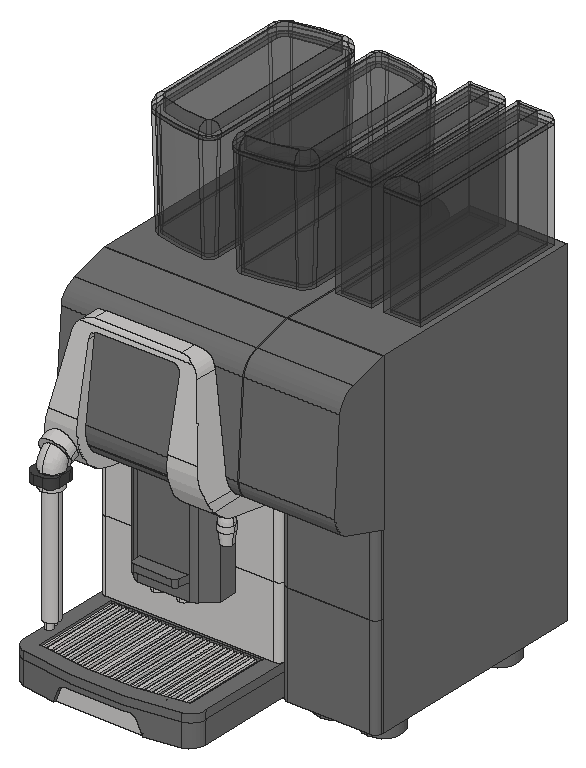
Revit family "QF_RANCILIO_EGRO ONE TOUCH PURE COFFEE WITH POWDER", category Specialty Equipment, Revit 2014 (continued)
Automatic sketch dimensions
  plane 3 "LEFT" to Extrusion 29 sketch curve = 66.366 mm
  Extrusion 29 sketch curve to plane 3 "LEFT" = 0.129 mm
  plane 1 "BACK" to Extrusion 29 sketch curve = 42.871 mm
  plane 1 "BACK" to Extrusion 29 sketch curve = 43.054 mm
  Extrusion 29 sketch curve to plane 8 "Center X" = 86.139 mm
  Extrusion 30 sketch curve to Extrusion 29 = 0.00 mm
  Extrusion 29 to Extrusion 30 sketch curve = 6.35 mm
  Extrusion 30 sketch curve to Extrusion 29 = 1.524 mm  (x2)
  Extrusion 29 to Extrusion 30 sketch curve = 1.646 mm
  Extrusion 29 to Extrusion 30 sketch curve = 1.524 mm
  Extrusion 30 sketch curve to Extrusion 29 = 6.35 mm
  Extrusion 30 sketch curve to Extrusion 30 sketch curve = 263.53 mm
  plane 1 "BACK" to Sweep 31 sketch curve = 9.92 mm
  Sweep 31 sketch curve to Sweep 31 sketch curve = 31.154 mm  (x2)
  plane 3 "LEFT" to Sweep 31 sketch curve = 30.474 mm
  plane 1 "BACK" to Sweep 31 sketch curve = 60.192 mm
  plane 8 "Center X" to Sweep 31 sketch curve = 1.258 mm
  Sweep 31 sketch curve to plane 8 "Center X" = 17.86 mm
  Sweep 31 sketch curve to Sweep 31 sketch curve = 12.70 mm  (x2)
  Sweep 31 sketch curve to plane 7 "Center Y" = 32.911 mm  (x2)
  Sweep 31 sketch curve to Sweep 31 sketch curve = 5.165 mm
  Sweep 31 sketch curve to plane 7 "Center Y" = 25.491 mm  (x2)
  Sweep 31 sketch curve to Sweep 31 sketch curve = 0.00 mm  (x2)
  profile plane to Sweep 31 sketch curve = 0.00 mm
  profile plane to Sweep 31 sketch curve = 0.03 mm
  profile plane to Sweep 31 sketch curve = 15.494 mm
  Sweep 31 sketch curve to Sweep 31 sketch curve = 6.825 mm
  plane 1 "BACK" to Extrusion 32 sketch curve = 9.92 mm
  Extrusion 32 sketch curve to Extrusion 32 sketch curve = 31.154 mm  (x2)
  plane 3 "LEFT" to Extrusion 32 sketch curve = 43.174 mm  (x2)
  plane 1 "BACK" to Extrusion 32 sketch curve = 60.192 mm
  plane 8 "Center X" to Extrusion 32 sketch curve = 1.258 mm
  Extrusion 32 sketch curve to plane 8 "Center X" = 17.86 mm
  Extrusion 32 sketch curve to Extrusion 32 sketch curve = 12.70 mm
  Extrusion 32 sketch curve to plane 7 "Center Y" = 32.911 mm  (x2)
  Extrusion 32 sketch curve to Extrusion 32 sketch curve = 5.165 mm
  Extrusion 32 sketch curve to plane 7 "Center Y" = 25.491 mm  (x2)
  Extrusion 32 sketch curve to Extrusion 32 sketch curve = 0.00 mm  (x2)
  plane 3 "LEFT" to Sweep 33 sketch curve = 14.981 mm
  plane 8 "Center X" to Sweep 33 sketch curve = 1.258 mm
  Sweep 33 sketch curve to Sweep 33 sketch curve = 28.194 mm  (x2)
  Sweep 33 sketch curve to plane 7 "Center Y" = 32.911 mm  (x2)
  plane 1 "BACK" to Sweep 33 sketch curve = 9.92 mm
  Sweep 33 sketch curve to plane 7 "Center Y" = 25.491 mm  (x2)
  Sweep 33 sketch curve to plane 7 "Center Y" = 12.252 mm
  Sweep 33 sketch curve to plane 8 "Center X" = 49.014 mm
  Sweep 33 sketch curve to plane 8 "Center X" = 17.86 mm
  plane 1 "BACK" to Sweep 33 sketch curve = 60.192 mm
  Sweep 33 sketch curve to Sweep 33 sketch curve = 31.154 mm
  Sweep 33 sketch curve to Sweep 33 sketch curve = 0.00 mm  (x4)
  Sweep 33 sketch curve to profile plane = 0.169 mm
  Sweep 33 sketch curve to profile plane = 0.789 mm
  Sweep 33 sketch curve to profile plane = 5.545 mm
  Sweep 33 sketch curve to Sweep 33 sketch curve = 6.352 mm
  Sweep 33 sketch curve to profile plane = 45.019 mm
  Sweep 33 sketch curve to Sweep 33 sketch curve = 1682.987 mm
  plane 1 "BACK" to Extrusion 34 sketch curve = 9.92 mm
  Extrusion 34 sketch curve to plane 7 "Center Y" = 24.167 mm
  Extrusion 34 sketch curve to Extrusion 34 sketch curve = 31.154 mm  (x2)
  plane 3 "LEFT" to Extrusion 34 sketch curve = 26.896 mm
  plane 1 "BACK" to Extrusion 34 sketch curve = 60.192 mm
  plane 8 "Center X" to Extrusion 34 sketch curve = 1.258 mm
  Extrusion 34 sketch curve to plane 8 "Center X" = 17.86 mm
  Extrusion 34 sketch curve to Extrusion 34 sketch curve = 16.278 mm  (x2)
  Extrusion 34 sketch curve to Extrusion 34 sketch curve = 8.743 mm  (x2)
  Extrusion 34 sketch curve to plane 7 "Center Y" = 25.491 mm
  Extrusion 34 sketch curve to Extrusion 34 sketch curve = 7.636 mm
  Extrusion 34 sketch curve to Extrusion 34 sketch curve = 0.00 mm  (x2)
  curve 11 to curve 45 = 0.00 mm  (x2)
  curve 85 to curve 92 = 0.00 mm  (x2)
  curve 86 to curve 93 = 0.00 mm  (x2)
  curve 88 to curve 99 = 0.00 mm  (x2)
  curve 89 to curve 97 = 0.00 mm  (x2)
  curve 90 to curve 95 = 0.00 mm  (x2)
  curve 91 to curve 96 = 0.00 mm  (x2)
  curve 101 to curve 108 = 0.00 mm  (x2)
  curve 102 to curve 109 = 0.00 mm  (x2)
  curve 104 to curve 115 = 0.00 mm  (x2)
  curve 105 to curve 113 = 0.00 mm  (x2)
  curve 106 to curve 111 = 0.00 mm  (x2)
  curve 107 to curve 112 = 0.00 mm  (x2)
  curve 12 to plane 4 "RIGHT" = 0.00 mm
  curve 11 to plane 7 "Center Y" = 0.00 mm
  curve 3 to plane 3 "LEFT" = 0.00 mm
  plane 8 "Center X" to curve 84 = 1.258 mm
  plane 4 "RIGHT" to curve 84 = 14.981 mm
  plane 4 "RIGHT" to curve 25 = 15.741 mm
  curve 2 to curve 46 = 25.40 mm
  curve 12 to curve 46 = 0.00 mm
  curve 89 to curve 98 = 15.494 mm
  curve 25 to curve 8 = 17.908 mm
  curve 99 to curve 88 = 12.70 mm
  curve 97 to curve 89 = 12.70 mm
  curve 8 to curve 9 = 19.345 mm
  curve 8 to curve 20 = 22.87 mm
  curve 88 to curve 118 = 27.572 mm
  curve 20 to curve 32 = 19.232 mm
  curve 31 to curve 20 = 2.25 mm
  curve 19 to curve 29 = 9.962 mm
  curve 30 to curve 35 = 17.466 mm
  plane 7 "Center Y" to curve 95 = 32.911 mm
  plane 7 "Center Y" to curve 93 = 32.911 mm
  curve 86 to curve 94 = 5.165 mm
  plane 7 "Center Y" to curve 85 = 25.491 mm
  plane 1 "BACK" to curve 91 = 9.92 mm
  plane 7 "Center Y" to curve 91 = 25.491 mm
  plane 7 "Center Y" to curve 87 = 12.252 mm
  curve 103 to plane 7 "Center Y" = 12.252 mm
  curve 107 to plane 7 "Center Y" = 25.491 mm
  curve 108 to plane 7 "Center Y" = 25.491 mm
  curve 103 to curve 110 = 15.494 mm
  curve 110 to curve 111 = 5.165 mm
  curve 110 to curve 109 = 5.165 mm
  curve 34 to plane 7 "Center Y" = 43.835 mm
  curve 34 to curve 29 = 18.697 mm
  curve 28 to curve 19 = 9.962 mm
  curve 28 to curve 27 = 12.212 mm
  curve 26 to curve 44 = 4.949 mm
  curve 102 to curve 116 = 46.838 mm
  curve 44 to curve 41 = 2.504 mm
  plane 1 "BACK" to curve 117 = 6.35 mm
  plane 3 "LEFT" to curve 117 = 60.016 mm
  curve 27 to curve 18 = 19.232 mm
  curve 18 to curve 7 = 3.526 mm
  curve 39 to plane 5 "FRONT" = 11.354 mm
  curve 41 to curve 39 = 15.559 mm
  plane 8 "Center X" to curve 105 = 1.258 mm
  plane 3 "LEFT" to curve 105 = 43.174 mm
  curve 116 to curve 115 = 27.572 mm
  curve 40 to curve 38 = 14.809 mm
  curve 6 to curve 6 = 19.345 mm
  curve 104 to curve 114 = 12.70 mm
  curve 38 to curve 10 = 12.531 mm
  curve 10 to curve 42 = 2.963 mm
  curve 42 to curve 43 = 2.434 mm
  plane 3 "LEFT" to curve 13 = 15.741 mm
  plane 3 "LEFT" to curve 100 = 14.981 mm
  curve 11 to plane 1 "BACK" = 36.285 mm
  plane 1 "BACK" to curve 112 = 9.92 mm
  curve 107 to curve 103 = 31.154 mm
  curve 91 to curve 94 = 31.154 mm
  plane 1 "BACK" to curve 2 = 42.871 mm
  plane 1 "BACK" to curve 4 = 42.871 mm
  curve 4 to curve 114 = 17.321 mm
  curve 2 to curve 88 = 17.321 mm
  curve 104 to curve 116 = 32.678 mm
  curve 88 to curve 118 = 32.678 mm
  curve 110 to plane 8 "Center X" = 17.86 mm
  curve 95 to plane 8 "Center X" = 17.86 mm
  curve 106 to curve 108 = 10.502 mm
  curve 90 to curve 92 = 10.502 mm
  curve 7 to curve 40 = 90.093 mm
  curve 7 to curve 9 = 12.088 mm
  curve 6 to curve 5 = 12.088 mm
  curve 6 to curve 18 = 30.403 mm
  curve 19 to curve 20 = 4.409 mm
  curve 18 to curve 18 = 4.409 mm
  curve 19 to curve 29 = 5.795 mm
  curve 13 to curve 13 = 30.594 mm
  curve 25 to curve 25 = 30.603 mm
  curve 34 to curve 35 = 9.018 mm
  curve 30 to curve 31 = 27.79 mm
  curve 27 to curve 40 = 26.105 mm
  curve 44 to curve 44 = 6.682 mm
  curve 37 to curve 10 = 7.68 mm
  curve 32 to curve 12 = 14.362 mm
  curve 46 to curve 12 = 0.00 mm
  curve 24 to curve 23 = 1.334 mm
  curve 11 to curve 12 = 0.00 mm
  curve 24 to curve 32 = 2.159 mm
  plane 4 "RIGHT" to curve 23 = 24.151 mm
  curve 32 to curve 23 = 1.777 mm
  curve 23 to curve 22 = 0.00 mm
  curve 22 to curve 83 = 2.985 mm
  curve 85 to curve 88 = 0.00 mm
  curve 91 to curve 89 = 0.00 mm
  curve 83 to curve 82 = 5.743 mm
  curve 96 to curve 97 = 0.00 mm
  curve 92 to curve 99 = 0.00 mm
  curve 82 to curve 81 = 4.762 mm
  curve 21 to curve 21 = 10.25 mm
  curve 21 to curve 22 = 0.465 mm
  curve 81 to curve 80 = 6.349 mm
  curve 22 to curve 21 = 0.283 mm
  curve 80 to curve 79 = 4.762 mm
  curve 7 to curve 24 = 1.313 mm
  curve 79 to curve 77 = 6.349 mm
  curve 120 to curve 118 = 6.35 mm
  curve 77 to curve 78 = 4.762 mm
  curve 78 to curve 76 = 6.349 mm
  curve 75 to curve 31 = 1.792 mm
  curve 31 to curve 30 = 0.014 mm
  curve 30 to curve 21 = 3.171 mm
  curve 33 to curve 62 = 5.205 mm
  curve 62 to curve 63 = 4.762 mm
  curve 30 to curve 30 = 0.646 mm
  curve 63 to curve 64 = 6.349 mm
  curve 64 to curve 65 = 4.762 mm
  curve 65 to curve 66 = 6.349 mm
  curve 66 to curve 67 = 4.762 mm
  curve 67 to curve 68 = 6.168 mm
  curve 68 to curve 69 = 4.943 mm
  curve 69 to curve 70 = 6.168 mm
  curve 70 to curve 71 = 4.943 mm
  curve 71 to curve 72 = 6.168 mm
  curve 72 to curve 73 = 4.943 mm
  plane 7 "Center Y" to curve 74 = 3.052 mm
  curve 61 to plane 7 "Center Y" = 3.052 mm
  curve 61 to curve 60 = 6.168 mm
  curve 60 to curve 59 = 4.943 mm
  curve 59 to curve 58 = 6.168 mm
  curve 58 to curve 57 = 4.943 mm
  curve 57 to curve 56 = 6.168 mm
  curve 112 to curve 111 = 0.00 mm
  curve 108 to curve 109 = 0.00 mm
  curve 101 to curve 102 = 0.00 mm
  curve 107 to curve 106 = 0.00 mm
  curve 56 to curve 55 = 4.943 mm
  curve 54 to curve 34 = 1.281 mm
  curve 54 to curve 53 = 4.762 mm
  curve 53 to curve 52 = 6.349 mm
  curve 52 to curve 51 = 4.762 mm
  curve 28 to curve 28 = 0.646 mm
  curve 51 to curve 50 = 6.349 mm
  curve 50 to curve 49 = 4.762 mm
  curve 17 to curve 27 = 3.185 mm
  curve 28 to curve 27 = 0.015 mm
  curve 28 to curve 28 = 0.001 mm
  curve 48 to curve 45 = 6.308 mm
  curve 47 to curve 45 = 1.546 mm
  curve 14 to curve 6 = 1.784 mm
  curve 17 to curve 17 = 9.785 mm
  curve 17 to curve 16 = 0.001 mm
  curve 16 to curve 17 = 0.465 mm
  curve 16 to curve 43 = 7.175 mm
  curve 16 to curve 15 = 0.00 mm
  curve 16 to curve 26 = 2.918 mm
  plane 3 "LEFT" to curve 15 = 24.151 mm
  curve 15 to curve 14 = 0.919 mm
  curve 43 to curve 14 = 2.925 mm
  curve 105 to curve 3 = 60.328 mm
  curve 15 to curve 13 = 33.042 mm
  curve 23 to curve 25 = 33.042 mm
  curve 7 to curve 24 = 0.607 mm
  curve 6 to curve 14 = 0.818 mm
  curve 21 to curve 21 = 3.496 mm
  curve 17 to curve 16 = 3.798 mm
  curve 21 to curve 22 = 0.302 mm
  curve 16 to curve 17 = 0.00 mm
  curve 31 to curve 21 = 0.887 mm
  curve 28 to curve 17 = 0.887 mm
  curve 30 to curve 30 = 2.667 mm
  curve 28 to curve 27 = 0.468 mm
  curve 17 to curve 49 = 7.864 mm
  curve 23 to curve 32 = 1.805 mm
  curve 15 to curve 16 = 0.001 mm
  curve 23 to curve 22 = 0.001 mm
  curve 44 to curve 47 = 2.92 mm
  curve 57 to curve 56 = 0.282 mm
  curve 70 to curve 69 = 0.282 mm
  curve 70 to curve 71 = 0.282 mm
  curve 57 to curve 58 = 0.282 mm
  plane 1 "BACK" to curve 119 = 0.00 mm
  Extrusion 29 to Extrusion 35 sketch curve = 77.563 mm
  Extrusion 29 to Extrusion 35 sketch curve = 119.495 mm
  Extrusion 5 to Extrusion 36 sketch curve = 28.575 mm
  Extrusion 5 to Extrusion 36 sketch curve = 150.43 mm
  radius of Extrusion 10 sketch curve = 9.216 mm  (x2)
  radius of Sweep 11 sketch curve = 19.05 mm
  radius of Extrusion 12 sketch curve = 6.35 mm
  radius of Extrusion 12 sketch curve = 2.54 mm
  radius of Sweep 11 to Extrusion 13 sketch curve = 6.35 mm
  radius of Extrusion 21 sketch curve = 12.70 mm
  radius of Extrusion 35 sketch curve = 6.35 mm
  radius of Extrusion 36 sketch curve = 25.40 mm
Nested families
  nested 1: "RANCILIO_POWDER MODULE" at (300.99, 0, 0), visible <- "Top Milk XP NMS Powder", type "RANCILIO_POWDER MODULE"
Connectors
  electrical at (181.495, -300.676, 23.578), driven by "Volts", driven by "Watts"
    settings: on Extrusion 35, index 1, voltage 400 V, apparent load 6000 VA, apparent load phase1 0 VA, apparent load phase2 0 VA, apparent load phase3 0 VA, power factor 1, load classification "Other", number of poles 1, system type 30, power factor state 1, is connector primary yes, connector utility no, sub classification motor no, connector description "ELECTRICAL CONNECTION"
  piping at (181.495, -300.676, 23.578), diameter 9.525, driven by "Cold Water Size"
    settings: on Extrusion 35, index 2, connector inside diameter 24", connector length 0.00 mm, flow factor 0, pipe flow 0 GPM, pressure drop 0.00 psi, fitting loss kfactor 0, connector angle 0.00°, fixture units 0, engagement length 0.00 mm, angle of deflection 0.00°, flow configuration 1, flow direction 1, fitting loss method 0, system type 20, joint type 0, gender type 0, connector reference index -1, connector utility 0, adjustable connector no, is connector primary yes, connector description "WATER INLET"
  piping at (150.43, -406.814, 23.578), diameter 50.8, driven by "Indirect Waste Size"
    settings: on Extrusion 36, index 3, connector inside diameter 24", connector length 0.00 mm, flow factor 0, pipe flow 0 GPM, pressure drop 0.00 psi, fitting loss kfactor 0, connector angle 0.00°, fixture units 0, engagement length 0.00 mm, angle of deflection 0.00°, flow configuration 1, flow direction 2, fitting loss method 0, system type 16, joint type 0, gender type 0, connector reference index -1, connector utility 0, adjustable connector no, is connector primary no, connector description "WATER DRAIN"
Definition of nested family "RANCILIO_POWDER MODULE"
  Parameters (values of type "RANCILIO_POWDER MODULE")
    Weight in Kilograms = 13
    Watts = 3200 W
    Volts = 220 V
    URL Cutsheet = ""
    Specification by User = ""
    Specification by Manufacturer = ""
    Serial Number = ""
    Seismic Rating = ""
    SMACNA No = ""
    Revision Code = ""
    Phase = 1
    Number of Poles = 1
    NAFEM Spec ID Number = ""
    Model = "POWDER MODULE"
    Min Ckt Ampacity = 0 A
    Max Overcurrent Protection = 0 A
    Masterspec = ""
    Manufacturer = "RANCILIO"  # constant formula
    Length = 160.02 mm
    Item Number = ""
    Installed By = ""
    Indirect Waste Size = 2"
    Indirect Waste Flow = 0 GPM
    Indirect Waste Connection Type = ""
    Indirect Waste Connection Height = 0.00 mm
    Identify Quantity as Lot = yes
    Height = 787.40 mm
    HP = ""
    Furnished By = ""
    Foodservice Equipment Identifier = yes
    FL Amps = 13 A
    Electrical Remarks = ""
    Electric Connection Type = ""
    Elec Conn RI Height = 0.00 mm
    Elec Conn Connection Height = 0.00 mm
    Description = "POWDER MODULE"
    Depth = 584.20 mm
    Cycle = 50 Hz
    Conn Plug = "Typ 25 / CEE"
    Conn Conduit = yes
    Cold Water Temperature Recommended = -459.67 °F
    Cold Water Size = 3/8"
    Cold Water RI Height = 0.00 mm
    Cold Water Minimum Pressure = 0.00 psi
    Cold Water Maximum Pressure = 0.00 psi
    Cold Water Flow = 0 GPM
    Cold Water Consumption = ""
    Cold Water Connection Height = 0.00 mm
    CSI MasterFormat = ""
    Apparent Power = 0 VA
  Reference planes
    plane 1 "BACK": y = 0
    plane 2: z = 0
    plane 3 "LEFT": x = 0
    plane 4 "RIGHT": x = 160.02
    plane 5 "FRONT": y = -584.2
    plane 6 "TOP": z = 787.4
    plane 7 "Center Y": x = 80.01
    plane 8 "Center X": y = -292.1
    plane 9: z = 26.88
    plane 10: z = 77.978
  Forms (mm)
    Revolve 1, solid, material "QF_Rubber-Black-Smooth"
      sketch origin (40.97, 0, 0) x (0, 1, 0) y (0, 0, 1)
        loop
          line (-88.9, 0) -> (-58.322, 0) -> (-58.322, 26.88) -> (-88.9, 26.88) -> (-88.9, 0)
        axis (-88.9, 26.88) -> (-88.9, 0)
      angle from 0 to 360
    Revolve 2, solid, material "QF_Rubber-Black-Smooth"
      sketch origin (40.97, -239.776, 0) x (0, 1, 0) y (0, 0, 1)
        loop
          line (-88.9, 0) -> (-58.322, 0) -> (-58.322, 26.88) -> (-88.9, 26.88) -> (-88.9, 0)
        axis (-88.9, 26.88) -> (-88.9, 0)
      angle from 0 to 360
    Extrusion 3, solid, material "QF_Rubber-Black-Smooth"
      sketch origin (-308.61, 0, 77.978) x (1, 0, 0) y (0, 1, 0)
        loop
          line (310.198, -378.239) -> (310.198, -380.664)
          arc (310.198, -380.664) -> (313.263, -388.066) -> (320.665, -391.131) r 10.467
          line (320.665, -391.131) -> (456.575, -391.131)
          arc (456.575, -391.131) -> (463.977, -388.066) -> (467.042, -380.664) r 10.467
          line (467.042, -380.664) -> (467.042, -378.239) -> (310.198, -378.239)
      from -51.098 to 118.421
    Extrusion 4, solid, material "QF_Rubber-Black-Smooth"
      sketch origin (-308.61, 0, 77.978) x (1, 0, 0) y (0, 1, 0)
        loop
          line (310.198, -378.239) -> (310.198, -380.664)
          arc (310.198, -380.664) -> (313.263, -388.066) -> (320.665, -391.131) r 10.467
          line (320.665, -391.131) -> (456.575, -391.131)
          arc (456.575, -391.131) -> (463.977, -388.066) -> (467.042, -380.664) r 10.467
          line (467.042, -380.664) -> (467.042, -378.239) -> (310.198, -378.239)
      from 118.421 to 263.394
    Extrusion 5, solid, material "QF_Rubber-Black-Smooth"
      sketch origin (300.99, 0, 0) x (0, -1, 0) y (0, 0, 1)
        loop
          line (378.239, 585.68) -> (378.239, 328.13) -> (452.973, 352.412)
          arc (452.973, 352.412) -> (471.683, 365.793) -> (479.282, 387.505) r 38.1
          arc (479.282, 387.505) -> (477.768, 463.267) -> (468.702, 538.501) r 758.464
          arc (468.702, 538.501) -> (459.301, 557.733) -> (441.012, 568.86) r 38.1
          line (441.012, 568.86) -> (378.239, 585.68)
      from 140.97 to 300.99
    Extrusion 6, solid, material "QF_Rubber-Black-Smooth"
      sketch origin (23.073, -4572, 26.88) x (-1, 0, 0) y (0, -1, 0)
        loop
          line (23.073, -4193.761) -> (-136.947, -4193.761) -> (-136.947, -4572) -> (23.073, -4572) -> (23.073, -4193.761)
      from 0 to 558.8
    Extrusion 7, solid, material "QF_Metal-Stainless-Polished"
      sketch origin (23.073, -4572, 26.88) x (0, -1, 0) y (-1, 0, 0)
        loop
          circle (-4271.324, -17.582) r 6.35
      from 0 to 3.302
    Revolve 8, solid, material "QF_Rubber-Black-Smooth"
      sketch origin (119.05, 0, 0) x (0, 1, 0) y (0, 0, -1)
        loop
          line (-88.9, 0) -> (-88.9, -26.88) -> (-58.322, -26.88) -> (-58.322, 0) -> (-88.9, 0)
        axis (-88.9, -26.88) -> (-88.9, 0)
      angle from 0 to 360
    Revolve 9, solid, material "QF_Rubber-Black-Smooth"
      sketch origin (119.05, -239.776, 0) x (0, 1, 0) y (0, 0, -1)
        loop
          line (-88.9, 0) -> (-88.9, -26.88) -> (-58.322, -26.88) -> (-58.322, 0) -> (-88.9, 0)
        axis (-88.9, -26.88) -> (-88.9, 0)
      angle from 0 to 360
    Sweep 10, solid, material "QF_Plastic-Black-Transparent"
      path origin (300.99, -48.039, 765.051) x (0, -1, 0) y (1, 0, 0)
        loop
          line (-34.549, -291.57) -> (242.014, -291.57) -> (242.014, -230.659) -> (-34.549, -230.659) -> (-34.549, -291.57)
      profile origin (9.42, -151.771, 765.051) x (1, 0, 0) y (0, 0, 1)
        loop
          line (0, 0.03) -> (15.494, 0.03) -> (15.494, 22.349)
          arc (15.494, 22.349) -> (4.538, 17.811) -> (0, 6.855) r 15.494
          line (0, 6.855) -> (0, 0.03)
    Extrusion 11, solid, material "QF_Plastic-Black-Transparent"
      sketch origin (300.99, -48.039, 765.051) x (0, -1, 0) y (1, 0, 0)
        loop
          line (-19.056, -276.077) -> (226.52, -276.077) -> (226.52, -246.153) -> (-19.056, -246.153) -> (-19.056, -276.077)
      from 0 to 22.349
    Sweep 12, solid, material "QF_Plastic-Black-Transparent"
      path origin (122.75, -298.45, 765.25) x (1, 0, 0) y (0, 1, 0)
        loop
          line (-114.119, 285.75) -> (-114.119, 7.608) -> (-51.63, 7.608) -> (-51.63, 285.75) -> (-114.119, 285.75)
      profile origin (8.631, -151.771, 765.25) x (1, 0, 0) y (0, 0, 1)
        loop
          line (7.142, -0.169) -> (0.789, -0.169) -> (0.789, -179.569) -> (7.142, -179.569) -> (7.142, -0.169)
    Extrusion 13, solid, material "QF_Plastic-Black-Transparent"
      sketch origin (0, -48.039, 585.68) x (0, -1, 0) y (1, 0, 0)
        loop
          line (-28.197, 15.772) -> (235.662, 15.772) -> (235.662, 63.978) -> (-28.197, 63.978) -> (-28.197, 15.772)
      from 0 to 5.08
    Sweep 14, solid, material "QF_Plastic-Black-Transparent"
      path origin (-140.97, -48.039, 765.051) x (0, -1, 0) y (1, 0, 0)
        loop
          line (-34.549, 291.57) -> (-34.549, 230.659) -> (242.014, 230.659) -> (242.014, 291.57) -> (-34.549, 291.57)
      profile origin (150.6, -151.771, 765.051) x (1, 0, 0) y (0, 0, 1)
        loop
          line (0, 0.03) -> (0, 6.855)
          arc (0, 6.855) -> (-4.538, 17.811) -> (-15.494, 22.349) r 15.494
          line (-15.494, 22.349) -> (-15.494, 0.03) -> (0, 0.03)
    Extrusion 15, solid, material "QF_Plastic-Black-Transparent"
      sketch origin (-140.97, -48.039, 765.051) x (0, -1, 0) y (1, 0, 0)
        loop
          line (-19.056, 276.077) -> (-19.056, 246.153) -> (226.52, 246.153) -> (226.52, 276.077) -> (-19.056, 276.077)
      from 0 to 22.349
    Sweep 16, solid, material "QF_Plastic-Black-Transparent"
      path origin (37.27, -298.45, 765.25) x (1, 0, 0) y (0, 1, 0)
        loop
          line (114.119, 285.75) -> (51.63, 285.75) -> (51.63, 7.608) -> (114.119, 7.608) -> (114.119, 285.75)
      profile origin (151.389, -151.771, 765.25) x (1, 0, 0) y (0, 0, 1)
        loop
          line (-7.142, -0.169) -> (-7.142, -179.569) -> (-0.789, -179.569) -> (-0.789, -0.169) -> (-7.142, -0.169)
    Extrusion 17, solid, material "QF_Plastic-Black-Transparent"
      sketch origin (160.02, -48.039, 585.68) x (0, -1, 0) y (1, 0, 0)
        loop
          line (-28.197, -15.772) -> (-28.197, -63.978) -> (235.662, -63.978) -> (235.662, -15.772) -> (-28.197, -15.772)
      from 0 to 5.08
    Extrusion 18, solid, material "QF_Metal-Stainless-Polished"
      sketch origin (0, 0, 54.662) x (1, 0, 0) y (0, 0, -1)
        loop
          circle (80.01, 0) r 6.35
      from 0 to 1.524
  Cuts and joins
    joined: Extrusion 4, Extrusion 5
  Lines and regions (mm)
    symbolic lines
      curve 1: line (9.42, -290.052, 26.88) -> (9.42, -13.489, 26.88)
      curve 2: line (70.331, -13.489, 26.88) -> (70.331, -290.052, 26.88)
      curve 3: line (63.978, -19.842, 26.88) -> (63.978, -283.7, 26.88)
      curve 4: line (15.772, -283.7, 26.88) -> (15.772, -19.842, 26.88)
      curve 5: line (9.42, -13.489, 26.88) -> (70.331, -13.489, 26.88)
      curve 6: line (63.978, -19.842, 26.88) -> (15.772, -19.842, 26.88)
      curve 7: line (9.42, -290.052, 26.88) -> (70.331, -290.052, 26.88)
      curve 8: line (63.978, -283.7, 26.88) -> (15.772, -283.7, 26.88)
      curve 9: line (150.6, -290.052, 26.88) -> (150.6, -13.489, 26.88)
      curve 10: line (89.689, -13.489, 26.88) -> (89.689, -290.052, 26.88)
      curve 11: line (96.042, -19.842, 26.88) -> (96.042, -283.7, 26.88)
      curve 12: line (144.248, -283.7, 26.88) -> (144.248, -19.842, 26.88)
      curve 13: line (150.6, -13.489, 26.88) -> (89.689, -13.489, 26.88)
      curve 14: line (96.042, -19.842, 26.88) -> (144.248, -19.842, 26.88)
      curve 15: line (150.6, -290.052, 26.88) -> (89.689, -290.052, 26.88)
      curve 16: line (96.042, -283.7, 26.88) -> (144.248, -283.7, 26.88)
      curve 17: line (0, -479.623, 26.88) -> (0, 0, 26.88)
      curve 18: line (0, 0, 26.88) -> (160.02, 0, 26.88)
      curve 19: line (160.02, 0, 26.88) -> (160.02, -479.623, 26.88)
      curve 20: line (160.02, -479.623, 26.88) -> (0, -479.623, 26.88)
      curve 21: line (0, -378.239, 26.88) -> (160.02, -378.239, 26.88)
      curve 22: line (147.965, -391.131, 26.88) -> (12.055, -391.131, 26.88)
      curve 23: arc (1.587, -380.664, 26.88) -> (4.653, -388.066, 26.88) -> (12.055, -391.131, 26.88) r 10.467
      curve 24: line (1.587, -378.239, 26.88) -> (1.587, -380.664, 26.88)
      curve 25: arc (147.965, -391.131, 26.88) -> (155.367, -388.066, 26.88) -> (158.432, -380.664, 26.88) r 10.467
      curve 26: line (158.432, -380.664, 26.88) -> (158.432, -378.239, 26.88)
  Dimensions and locks
    equal spacing: plane 3 "LEFT", plane 7 "Center Y", plane 4 "RIGHT"
    "Length": plane 3 "LEFT" to plane 4 "RIGHT"
    equal spacing: plane 5 "FRONT", plane 8 "Center X", plane 1 "BACK"
    "Depth": plane 5 "FRONT" to plane 1 "BACK"
    "Height": plane 6 "TOP" to level
    plane 10 to level = 77.978 mm  (x2)
    aligned and locked: level to plane 2
  Automatic sketch dimensions
    Revolve 1 sketch curve to level = 0.00 mm  (x2)
    Revolve 1 sketch curve to plane 9 = 0.00 mm
    plane 1 "BACK" to Revolve 1 sketch curve = 88.90 mm  (x2)
    Revolve 1 sketch curve to Revolve 1 sketch curve = 30.578 mm
    Revolve 1 sketch curve to level = 101.60 mm
    Revolve 2 sketch curve to level = 0.00 mm  (x2)
    Revolve 2 sketch curve to plane 9 = 0.00 mm
    Revolve 2 sketch curve to plane 8 "Center X" = 36.576 mm  (x2)
    Revolve 2 sketch curve to plane 8 "Center X" = 5.998 mm
    Revolve 2 sketch curve to level = 101.60 mm
    plane 3 "LEFT" to Extrusion 3 sketch curve = 1.587 mm
    plane 3 "LEFT" to Extrusion 3 sketch curve = 12.055 mm
    plane 4 "RIGHT" to Extrusion 3 sketch curve = 12.055 mm
    plane 4 "RIGHT" to Extrusion 3 sketch curve = 1.588 mm
    Extrusion 3 sketch curve to plane 8 "Center X" = 99.031 mm
    Extrusion 3 sketch curve to Extrusion 3 sketch curve = 2.425 mm
    plane 3 "LEFT" to Extrusion 4 sketch curve = 1.587 mm
    plane 3 "LEFT" to Extrusion 4 sketch curve = 12.055 mm
    plane 4 "RIGHT" to Extrusion 4 sketch curve = 12.055 mm
    plane 4 "RIGHT" to Extrusion 4 sketch curve = 1.588 mm
    Extrusion 4 sketch curve to plane 8 "Center X" = 99.031 mm
    Extrusion 4 sketch curve to Extrusion 4 sketch curve = 2.425 mm
    Extrusion 5 sketch curve to plane 1 "BACK" = 278.84 mm
    Extrusion 5 sketch curve to plane 8 "Center X" = 86.139 mm
    Extrusion 5 sketch curve to Extrusion 5 sketch curve = 52.912 mm
    Extrusion 5 sketch curve to Extrusion 5 sketch curve = 9.861 mm
    Extrusion 5 sketch curve to Extrusion 5 sketch curve = 62.961 mm
    Extrusion 5 sketch curve to Extrusion 5 sketch curve = 11.774 mm
    plane 10 to Extrusion 5 sketch curve = 250.152 mm
    Extrusion 5 sketch curve to Extrusion 5 sketch curve = 24.283 mm
    Extrusion 5 sketch curve to Extrusion 5 sketch curve = 36.235 mm
    plane 10 to Extrusion 5 sketch curve = 332.277 mm
    Extrusion 5 sketch curve to Extrusion 5 sketch curve = 143.411 mm
    Extrusion 5 sketch curve to Extrusion 5 sketch curve = 36.802 mm
    Extrusion 5 sketch curve to Extrusion 5 sketch curve = 16.82 mm
    Extrusion 5 sketch curve to Extrusion 5 sketch curve = 0.00 mm
    Extrusion 6 sketch curve to plane 4 "RIGHT" = 0.00 mm
    Extrusion 6 sketch curve to plane 3 "LEFT" = 0.00 mm
    plane 1 "BACK" to Extrusion 6 sketch curve = 0.00 mm
    Extrusion 6 sketch curve to plane 8 "Center X" = 86.139 mm
    Extrusion 6 to Extrusion 7 sketch curve = 77.563 mm
    Extrusion 6 to Extrusion 7 sketch curve = 40.654 mm
    Revolve 8 sketch curve to level = 0.00 mm  (x2)
    Revolve 8 sketch curve to plane 9 = 0.00 mm
    plane 1 "BACK" to Revolve 8 sketch curve = 88.90 mm  (x2)
    Revolve 8 sketch curve to Revolve 8 sketch curve = 30.578 mm
    Revolve 8 sketch curve to level = 101.60 mm
    Revolve 9 sketch curve to level = 0.00 mm  (x2)
    Revolve 9 sketch curve to plane 9 = 0.00 mm
    Revolve 9 sketch curve to plane 8 "Center X" = 36.576 mm  (x2)
    Revolve 9 sketch curve to plane 8 "Center X" = 5.998 mm
    Revolve 9 sketch curve to level = 101.60 mm
    plane 1 "BACK" to Sweep 10 sketch curve = 13.489 mm
    plane 8 "Center X" to Sweep 10 sketch curve = 2.048 mm
    plane 3 "LEFT" to Sweep 10 sketch curve = 9.42 mm
    Sweep 10 sketch curve to plane 7 "Center Y" = 9.679 mm
    profile plane to Sweep 10 sketch curve = 0.00 mm
    Sweep 10 sketch curve to profile plane = 15.494 mm
    profile plane to Sweep 10 sketch curve = 0.03 mm
    Sweep 10 sketch curve to Sweep 10 sketch curve = 6.825 mm
    plane 1 "BACK" to Extrusion 11 sketch curve = 28.983 mm
    plane 8 "Center X" to Extrusion 11 sketch curve = 17.541 mm
    plane 3 "LEFT" to Extrusion 11 sketch curve = 24.913 mm
    Extrusion 11 sketch curve to plane 7 "Center Y" = 25.173 mm
    plane 8 "Center X" to Sweep 12 sketch curve = 1.258 mm
    plane 3 "LEFT" to Sweep 12 sketch curve = 8.631 mm
    Sweep 12 sketch curve to plane 7 "Center Y" = 8.89 mm
    plane 1 "BACK" to Sweep 12 sketch curve = 12.70 mm
    Sweep 12 sketch curve to profile plane = 0.169 mm
    Sweep 12 sketch curve to profile plane = 0.789 mm
    Sweep 12 sketch curve to Sweep 12 sketch curve = 6.352 mm
    Sweep 12 sketch curve to Sweep 12 sketch curve = 179.401 mm
    plane 1 "BACK" to Extrusion 13 sketch curve = 19.842 mm
    plane 8 "Center X" to Extrusion 13 sketch curve = 8.40 mm
    plane 3 "LEFT" to Extrusion 13 sketch curve = 15.772 mm
    Extrusion 13 sketch curve to plane 7 "Center Y" = 16.032 mm
    curve 2 to plane 7 "Center Y" = 9.679 mm
    curve 2 to curve 3 = 6.352 mm  (x2)
    plane 3 "LEFT" to curve 4 = 15.772 mm
    plane 8 "Center X" to curve 1 = 2.048 mm
    curve 4 to curve 1 = 6.352 mm
    plane 8 "Center X" to curve 2 = 2.048 mm
    plane 8 "Center X" to curve 3 = 8.40 mm
    plane 8 "Center X" to curve 4 = 8.40 mm
    plane 1 "BACK" to curve 4 = 19.842 mm
    plane 1 "BACK" to curve 3 = 19.842 mm
    curve 1 to curve 4 = 6.352 mm
    plane 7 "Center Y" to curve 10 = 9.679 mm
    curve 11 to curve 10 = 6.352 mm
    plane 4 "RIGHT" to curve 12 = 15.772 mm
    plane 8 "Center X" to curve 9 = 2.048 mm
    curve 9 to curve 12 = 6.352 mm  (x2)
    plane 8 "Center X" to curve 10 = 2.048 mm
    plane 8 "Center X" to curve 12 = 8.40 mm
    plane 8 "Center X" to curve 11 = 8.40 mm
    plane 1 "BACK" to curve 12 = 19.842 mm
    plane 1 "BACK" to curve 11 = 19.842 mm
    curve 10 to curve 11 = 6.352 mm
    plane 1 "BACK" to Sweep 14 sketch curve = 13.489 mm
    plane 8 "Center X" to Sweep 14 sketch curve = 2.048 mm
    plane 7 "Center Y" to Sweep 14 sketch curve = 9.679 mm
    plane 4 "RIGHT" to Sweep 14 sketch curve = 9.42 mm
    profile plane to Sweep 14 sketch curve = 0.00 mm
    profile plane to Sweep 14 sketch curve = 0.03 mm
    profile plane to Sweep 14 sketch curve = 15.494 mm
    Sweep 14 sketch curve to Sweep 14 sketch curve = 6.825 mm
    plane 1 "BACK" to Extrusion 15 sketch curve = 28.983 mm
    plane 8 "Center X" to Extrusion 15 sketch curve = 17.541 mm
    plane 7 "Center Y" to Extrusion 15 sketch curve = 25.173 mm
    plane 4 "RIGHT" to Extrusion 15 sketch curve = 24.913 mm
    plane 7 "Center Y" to Sweep 16 sketch curve = 8.89 mm
    plane 4 "RIGHT" to Sweep 16 sketch curve = 8.631 mm
    plane 8 "Center X" to Sweep 16 sketch curve = 1.258 mm
    plane 1 "BACK" to Sweep 16 sketch curve = 12.70 mm
    profile plane to Sweep 16 sketch curve = 7.142 mm
    profile plane to Sweep 16 sketch curve = 0.789 mm
    Sweep 16 sketch curve to profile plane = 179.569 mm
    Sweep 16 sketch curve to profile plane = 0.169 mm
    plane 1 "BACK" to Extrusion 17 sketch curve = 19.842 mm
    plane 8 "Center X" to Extrusion 17 sketch curve = 8.40 mm
    plane 7 "Center Y" to Extrusion 17 sketch curve = 16.032 mm
    plane 4 "RIGHT" to Extrusion 17 sketch curve = 15.772 mm
    plane 1 "BACK" to curve 19 = 0.00 mm
    curve 19 to plane 4 "RIGHT" = 0.00 mm
    curve 21 to plane 3 "LEFT" = 0.00 mm
    curve 20 to plane 5 "FRONT" = 104.577 mm
    plane 4 "RIGHT" to curve 13 = 9.42 mm
    plane 8 "Center X" to curve 15 = 2.048 mm
    plane 4 "RIGHT" to curve 15 = 9.42 mm
    plane 4 "RIGHT" to curve 22 = 12.055 mm
    curve 13 to curve 14 = 6.352 mm  (x2)
    curve 15 to curve 16 = 6.352 mm
    plane 7 "Center Y" to curve 14 = 16.032 mm
    plane 7 "Center Y" to curve 16 = 16.032 mm
    curve 14 to curve 13 = 6.352 mm
    curve 16 to curve 15 = 6.352 mm
    curve 5 to plane 7 "Center Y" = 9.679 mm
    plane 8 "Center X" to curve 7 = 2.048 mm
    curve 7 to plane 7 "Center Y" = 9.679 mm
    curve 5 to curve 6 = 6.352 mm  (x2)
    curve 7 to curve 8 = 6.352 mm
    plane 3 "LEFT" to curve 6 = 15.772 mm
    plane 3 "LEFT" to curve 8 = 15.772 mm
    plane 3 "LEFT" to curve 22 = 12.055 mm
    curve 8 to curve 7 = 6.352 mm
    curve 6 to curve 5 = 6.352 mm
    plane 1 "BACK" to curve 13 = 13.489 mm
    plane 1 "BACK" to curve 5 = 13.489 mm
    plane 8 "Center X" to curve 8 = 8.40 mm
    plane 8 "Center X" to curve 16 = 8.40 mm
    curve 21 to plane 8 "Center X" = 86.139 mm
    curve 21 to curve 22 = 12.893 mm
    curve 23 to curve 22 = 10.467 mm
    curve 25 to curve 22 = 10.467 mm
    Extrusion 6 to Extrusion 18 sketch curve = 27.781 mm
    Extrusion 6 to Extrusion 18 sketch curve = 80.01 mm
    radius of Extrusion 7 sketch curve = 6.35 mm
    radius of Extrusion 18 sketch curve = 6.35 mm
